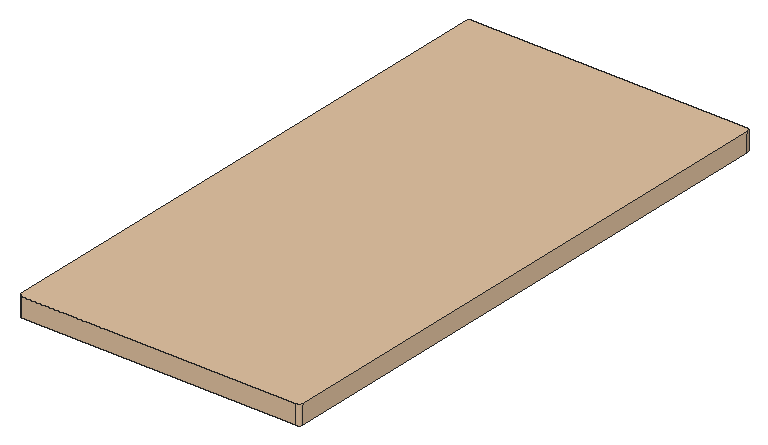
Revit family "FU_Table_LAPSE 0440MA", category Furniture, Revit 2022
Family settings
  OmniClass Number = 23.40.20.00
  OmniClass Title = General Furniture and Specialties
  Work Plane-Based = No
  Always vertical = Yes
  Cut with Voids When Loaded = No
  Render Appearance Source = Family Geometry
  Shared = No
  Room Calculation Point = No
Parameters (values of type "LAP0440MA")
  Width = 360 mm
  URL = "https://www.sandlerseating.com/product/lapse-0440ma-2/"
  Top Finish [instance] = Wood - Oak - Natural - V
  Model = "LAP0440MA"
  Manufacturer = "Sandler"
  Elevation = 333 mm
  Description = "Table top in the Lapse modular seating range, available in oak veneer or lacquered MDF, 36cm x 72cm / 14.2\" x 28.3\""
  Depth = 720 mm
  Default Elevation = 0 mm
Reference planes
  plane 1 "Center (Front/Back)": y = 0
  plane 2: z = 0
  plane 3 "Center (Left/Right)": x = 0
  plane 4 "Right": x = -180
  plane 5 "Left": x = 180
  plane 6 "Back": y = 360
  plane 7 "Front": y = -360
  plane 8 "Height": z = 357
  plane 9 "Table base": z = 333
Forms (mm)
  Extrusion 1, solid, material "Wood - Oak - Natural - V" <- "Top Finish"
    sketch origin (0, 0, 321) x (-1, 0, 0) y (0, -1, 0)
      loop
        arc (175, -360) -> (178.536, -358.536) -> (180, -355) r 5
        line (180, -355) -> (180, 355)
        arc (180, 355) -> (178.536, 358.536) -> (175, 360) r 5
        line (175, 360) -> (-175, 360)
        arc (-175, 360) -> (-178.536, 358.536) -> (-180, 355) r 5
        line (-180, 355) -> (-180, -355)
        arc (-180, -355) -> (-178.536, -358.536) -> (-175, -360) r 5
        line (-175, -360) -> (175, -360)
    from 12 to 36
Dimensions and locks
  equal spacing: plane 4 "Right", plane 3 "Center (Left/Right)", plane 5 "Left"
  "Width": plane 4 "Right" to plane 5 "Left"
  equal spacing: plane 6 "Back", plane 1 "Center (Front/Back)", plane 7 "Front"
  "Depth": plane 6 "Back" to plane 7 "Front"
  "Elevation": plane 9 "Table base" to level
  locked: plane 8 "Height" to plane 9 "Table base" at 24
  aligned and locked: level to plane 2
  aligned and locked: plane 8 "Height" to Extrusion 1
  aligned and locked: Extrusion 1 to plane 9 "Table base"
Automatic sketch dimensions
  Extrusion 1 sketch curve to plane 5 "Left" = 0 mm
  Extrusion 1 sketch curve to plane 6 "Back" = 0 mm
  Extrusion 1 sketch curve to plane 7 "Front" = 0 mm
  Extrusion 1 sketch curve to plane 4 "Right" = 0 mm
  Extrusion 1 sketch curve to Extrusion 1 sketch curve = 5 mm
  plane 5 "Left" to Extrusion 1 sketch curve = 5 mm
  Extrusion 1 sketch curve to plane 4 "Right" = 5 mm  (x2)
